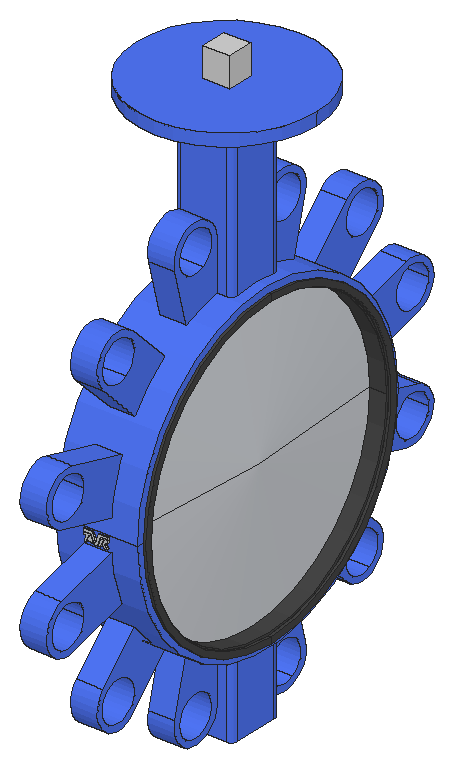
Revit family "820-10-032-DN200-300", category Pipe Accessories, Revit 2022
Family settings
  Round Connector Dimension = Use Diameter
  Part Type = Valve - Breaks Into
  Work Plane-Based = No
  Always vertical = Yes
  Cut with Voids When Loaded = No
  Shared = No
Parameters (values of type "DN250_PN16")
  fillet = 2 * Body_wallthickness  # 20 mm
  disk = LUG_T * 0.7  # 19.04 mm
  Rubber_R = (Body_wallthickness / 2) + ID  # 130.05 mm
  Lug_D1 = Lug_D * 1.75  # 38.5 mm
  W2_ref = size_lookup(Search_table, "W2", 0 mm, DN)  # 279 mm
  URL product pages = "https://www.avkvalves.com/P.aspx?no=820020010541E0030002"
  Search_table = "820-10-032-DN200-300"
  PCD = size_lookup(Search_table, "PCD", 0 mm, DN) / 2  # 192.5 mm
  Lug_D = size_lookup(Search_table, "Lug_D", 0 mm, DN)  # 22 mm
  L_ref_3 = L_ref / 1.2  # 40 mm
  L_ref_2 = L_ref * 2  # 96 mm
  L_ref = L - (Flange_thickness * 2)  # 48 mm
  LUG_T = L * 0.4  # 27.2 mm
  L2 = size_lookup(Search_table, "L2", 0 mm, DN) / 2  # 201 mm
  L = size_lookup(Search_table, "L", 0 mm, DN)  # 68 mm
  ID = DN / 2  # 125.05 mm
  Hole_dia = size_lookup(Search_table, "Hole_dia", 0 mm, DN)  # 34 mm
  H2 = size_lookup(Search_table, "H2", 0 mm, DN)  # 199 mm
  Flange_thickness = size_lookup(Search_table, "Flange_Thickness", 0 mm, DN)  # 10 mm
  F2 = size_lookup(Search_table, "F2", 0 mm, DN)  # 24 mm
  F = size_lookup(Search_table, "F", 0 mm, DN)  # 22 mm
  EPDM = ID - 1 mm  # 124.05 mm
  Description_ = "AVK CENTRIC BUTTERFLY VALVE LUG TYPE, PN10/16"
  Default Elevation = 0 mm
  DN300_PN16 = "820-0300-10-541E0160002"
  DN300_PN10 = "820-0300-10-541E0030002"
  DN250_PN16 = "820-0250-10-541E0160002"
  DN250_PN10 = "820-0250-10-541E0030002"
  DN200_PN16 = "820-0200-10-541E0160002"
  DN200_PN10 = "820-0200-10-541E0030002"
  DN = 250.1 mm
  Cut = DN - 2 mm  # 248.1 mm
  Bore = DN / 2  # 125.05 mm
  Body_wallthickness = 10 mm  # constant formula
  Actuator_Dia = size_lookup(Search_table, "Actuator_Dia", 0 mm, DN)  # 150 mm
  3 = 3 mm  # constant formula
Types (7, lengths in mm): name | disk | Rubber_R | Lug_D1 | W2_ref | PCD | Lug_D | L_ref_3 | L_ref_2 | L_ref | LUG_T | L2 | L | ID | Hole_dia | H2 | F2 | F | EPDM | DN | Cut | Bore | Actuator_Dia
  (no name) | 19.04 | 130.05 | 38.5 | 279 | 192.5 | 22 | 40 | 96 | 48 | 27.2 | 201 | 68 | 125.05 | 34 | 199 | 24 | 22 | 124.05 | 250.1 | 248.1 | 125.05 | 150
  DN200_PN10 | 16.8 | 105 | 35 | 240 | 160 | 20 | 33.333 | 80 | 40 | 24 | 166 | 60 | 100 | 31 | 161 | 19 | 17 | 99 | 200 | 198 | 100 | 90
  DN200_PN16 | 16.8 | 105.05 | 35 | 240 | 160 | 20 | 33.333 | 80 | 40 | 24 | 166 | 60 | 100.05 | 31 | 161 | 19 | 17 | 99.05 | 200.1 | 198.1 | 100.05 | 90
  DN250_PN10 | 19.04 | 130 | 38.5 | 279 | 192.5 | 22 | 40 | 96 | 48 | 27.2 | 201 | 68 | 125 | 34 | 199 | 24 | 22 | 124 | 250 | 248 | 125 | 150
  DN250_PN16 | 19.04 | 130.05 | 38.5 | 279 | 192.5 | 22 | 40 | 96 | 48 | 27.2 | 201 | 68 | 125.05 | 34 | 199 | 24 | 22 | 124.05 | 250.1 | 248.1 | 125.05 | 150
  DN300_PN10 | 21.84 | 155 | 40.25 | 315 | 225 | 23 | 48.333 | 116 | 58 | 31.2 | 236 | 78 | 150 | 34 | 234 | 24 | 22 | 149 | 300 | 298 | 150 | 150
  DN300_PN16 | 21.84 | 155.05 | 40.25 | 315 | 225 | 23 | 48.333 | 116 | 58 | 31.2 | 236 | 78 | 150.05 | 34 | 234 | 24 | 22 | 149.05 | 300.1 | 298.1 | 150.05 | 150
Reference planes
  plane 1 "Center (Front/Back)": y = 0
  plane 2: z = 0
  plane 3 "Center (Left/Right)": x = 0
  plane 4: z = 279
  plane 5: z = -199
  plane 6: y = 24
  plane 7: x = -24
  plane 8: y = -24
  plane 9: x = 24
  plane 10: x = -19
  plane 11: x = 19
  plane 12: y = -19
  plane 13: y = -19
  plane 14: x = -19
  plane 15: x = 19
  plane 16: y = 19
  plane 17: y = 19
  plane 18: z = 303
  plane 19: z = 125.05
  plane 20: z = -125.05
  plane 21: y = -201
  plane 22: y = 201
  plane 23: x = -34
  plane 24: x = 34
  plane 25: x = -13.6
  plane 26: x = 13.6
  plane 27: x = -11
  plane 28: x = 11
  plane 29: through (0, 0, 0) normal (0, 0.5, 0.866)
  plane 30: through (0, 0, 0) normal (0, 0.7071, 0.7071)
  plane 31: through (0, 0, 0) normal (0, 0.866, 0.5)
  plane 32: through (0, 0, 0) normal (0, 0.5, -0.866)
  plane 33: through (0, 0, 0) normal (0, 0.7071, -0.7071)
  plane 34: through (0, 0, 0) normal (0, 0.866, -0.5)
  plane 35: through (0, 0, 0) normal (0, 0.9659, -0.2588)
  plane 36: through (0, 0, 0) normal (0, 0.2588, 0.9659)
  plane 37: through (0, 0, 0) normal (0, -0.2588, 0.9659)
  plane 38: through (0, 0, 0) normal (0, 0.9659, 0.2588)
  plane 39: through (0, 0, 0) normal (0, 0.2588, 0.9659)
  plane 40: through (0, 0, 0) normal (0, 0.7071, 0.7071)
  plane 41: through (0, 0, 0) normal (0, 0.9659, 0.2588)
  plane 42: through (0, 0, 0) normal (0, 0.7071, -0.7071)
  plane 43: through (0, 0, 0) normal (0, 0.9659, -0.2588)
  plane 44: through (0, 0, 0) normal (0, -0.2588, 0.9659)
  plane 45: through (0, 0, 0) normal (0, -0.7071, 0.7071)
  plane 46: through (0, 0, 0) normal (0, -0.9659, 0.2588)
  plane 47: through (0, 0, 0) normal (0, -0.2588, -0.9659)
  plane 48: through (0, 0, 0) normal (0, -0.7071, -0.7071)
  plane 49: through (0, 0, 0) normal (0, -0.9659, -0.2588)
  plane 50: x = -75
  plane 51: x = 75
  plane 52: y = 75
  plane 53: y = -75
  plane 54: through (0, 0, 0) normal (0, 0.2588, -0.9659)
Forms (mm)
  Revolve 1, solid, material "Plastic"
    sketch origin (0, 0, 0) x (1, 0, 0) y (0, 1, 0)
      loop
        line (-34, 135.05) -> (-34, 125.05) -> (34, 125.05) -> (34, 135.05) -> (-34, 135.05)
      axis (-34, 0) -> (34, 0)
    angle from 0 to 360
  Extrusion 2, solid, material "Plastic"
    sketch origin (0, 0, 0) x (1, 0, 0) y (0, 1, 0)
      loop
        arc (-19, 24) -> (-22.536, 22.536) -> (-24, 19) r 5
        line (-24, 19) -> (-24, -19)
        arc (-24, -19) -> (-22.536, -22.536) -> (-19, -24) r 5
        line (-19, -24) -> (19, -24)
        arc (19, -24) -> (22.536, -22.536) -> (24, -19) r 5
        line (24, -19) -> (24, 19)
        arc (24, 19) -> (22.536, 22.536) -> (19, 24) r 5
        line (19, 24) -> (-19, 24)
    from -199 to 269
  Extrusion 3, solid, material "Plastic"
    sketch origin (0, 0, 0) x (1, 0, 0) y (0, 1, 0)
      loop
        circle (0, 0) r 75
    from 269 to 279
  Extrusion 4, solid, material "Stainless Steel AISI 304"
    sketch origin (0, 0, 0) x (1, 0, 0) y (0, 1, 0)
      loop
        line (-11, 11) -> (-11, -11) -> (11, -11) -> (11, 11) -> (-11, 11)
    from 279 to 303
  Revolve 5, void
    sketch origin (0, 0, 0) x (1, 0, 0) y (0, 1, 0)
      loop
        line (-34, 125.05) -> (-34, 0) -> (34, 0) -> (34, 125.05) -> (-34, 125.05)
      axis (-34, 0) -> (34, 0)
    angle from 0 to 360
  Extrusion 6, solid, material "Plastic"
    sketch origin (0, 0, 0) x (0, 1, 0) y (0, 0, 1)
      loop
        line (5.694, 21.25) -> (-173.306, 69.213)
        arc (-173.306, 69.213) -> (-200.25, 53.657) -> (-184.694, 26.713) r 22
        line (-184.694, 26.713) -> (-5.694, -21.25) -> (5.694, 21.25)
      loop
        circle (-179, 47.963) r 17
    from -11 to 11
  Extrusion 7, solid, material "Plastic"
    sketch origin (0, 0, 0) x (0, 0.5, -0.866025) y (0, 0.866025, 0.5)
      loop
        line (5.694, -21.25) -> (-5.694, 21.25) -> (-178.595, -25.078)
        arc (-178.595, -25.078) -> (-194.151, -52.023) -> (-167.207, -67.579) r 22
        line (-167.207, -67.579) -> (5.694, -21.25)
      loop
        circle (-172.901, -46.329) r 17
    from -11 to 11
  Extrusion 8, solid, material "Plastic"
    sketch origin (0, 0, 0) x (0, 0.5, -0.866025) y (0, 0.866025, 0.5)
      loop
        line (5.694, 21.25) -> (-167.207, 67.579)
        arc (-167.207, 67.579) -> (-194.151, 52.023) -> (-178.595, 25.078) r 22
        line (-178.595, 25.078) -> (-5.694, -21.25) -> (5.694, 21.25)
      loop
        circle (-172.901, 46.329) r 17
    from -11 to 11
  Extrusion 9, solid, material "Plastic"
    sketch origin (0, 0, 0) x (0, -0.5, -0.866025) y (0, 0.866025, -0.5)
      loop
        line (5.694, 21.25) -> (-167.207, 67.579)
        arc (-167.207, 67.579) -> (-194.151, 52.023) -> (-178.595, 25.078) r 22
        line (-178.595, 25.078) -> (-5.694, -21.25) -> (5.694, 21.25)
      loop
        circle (-172.901, 46.329) r 17
    from -11 to 11
  Extrusion 10, solid, material "Plastic"
    sketch origin (0, 0, 0) x (0, -0.5, -0.866025) y (0, 0.866025, -0.5)
      loop
        line (5.694, -21.25) -> (-5.694, 21.25) -> (-178.595, -25.078)
        arc (-178.595, -25.078) -> (-194.151, -52.023) -> (-167.207, -67.579) r 22
        line (-167.207, -67.579) -> (5.694, -21.25)
      loop
        circle (-172.901, -46.329) r 17
    from -11 to 11
  Extrusion 11, solid, material "Plastic"
    sketch origin (0, 0, 0) x (0, 1, 0) y (0, 0, 1)
      loop
        line (5.694, -21.25) -> (-5.694, 21.25) -> (-184.694, -26.713)
        arc (-184.694, -26.713) -> (-200.25, -53.657) -> (-173.306, -69.213) r 22
        line (-173.306, -69.213) -> (5.694, -21.25)
      loop
        circle (-179, -47.963) r 17
    from -11 to 11
  Extrusion 12, solid, material "Plastic"
    sketch origin (0, 0, 0) x (0, 0.5, 0.866025) y (0, -0.866025, 0.5)
      loop
        line (5.694, 21.25) -> (-167.207, 67.579)
        arc (-167.207, 67.579) -> (-194.151, 52.023) -> (-178.595, 25.078) r 22
        line (-178.595, 25.078) -> (-5.694, -21.25) -> (5.694, 21.25)
      loop
        circle (-172.901, 46.329) r 17
    from -11 to 11
  Extrusion 13, solid, material "Plastic"
    sketch origin (0, 0, 0) x (0, 0.5, 0.866025) y (0, -0.866025, 0.5)
      loop
        line (5.694, -21.25) -> (-5.694, 21.25) -> (-178.595, -25.078)
        arc (-178.595, -25.078) -> (-194.151, -52.023) -> (-167.207, -67.579) r 22
        line (-167.207, -67.579) -> (5.694, -21.25)
      loop
        circle (-172.901, -46.329) r 17
    from -11 to 11
  Extrusion 14, solid, material "Plastic"
    sketch origin (0, 0, 0) x (0, -1, 0) y (0, 0, -1)
      loop
        line (5.694, 21.25) -> (-173.306, 69.213)
        arc (-173.306, 69.213) -> (-200.25, 53.657) -> (-184.694, 26.713) r 22
        line (-184.694, 26.713) -> (-5.694, -21.25) -> (5.694, 21.25)
      loop
        circle (-179, 47.963) r 17
    from -11 to 11
  Extrusion 15, solid, material "Plastic"
    sketch origin (0, 0, 0) x (0, -0.5, 0.866025) y (0, -0.866025, -0.5)
      loop
        line (5.694, -21.25) -> (-5.694, 21.25) -> (-178.595, -25.078)
        arc (-178.595, -25.078) -> (-194.151, -52.023) -> (-167.207, -67.579) r 22
        line (-167.207, -67.579) -> (5.694, -21.25)
      loop
        circle (-172.901, -46.329) r 17
    from -11 to 11
  Extrusion 16, solid, material "Plastic"
    sketch origin (0, 0, 0) x (0, -0.5, 0.866025) y (0, -0.866025, -0.5)
      loop
        line (5.694, 21.25) -> (-167.207, 67.579)
        arc (-167.207, 67.579) -> (-194.151, 52.023) -> (-178.595, 25.078) r 22
        line (-178.595, 25.078) -> (-5.694, -21.25) -> (5.694, 21.25)
      loop
        circle (-172.901, 46.329) r 17
    from -11 to 11
  Extrusion 17, void
    sketch origin (0, 0, 0) x (0, -1, 0) y (0, 0, 1)
      loop
        circle (0, 0) r 124.05
    from -34 to 34
  Revolve 18, solid
    sketch origin (0, 0, 0) x (1, 0, 0) y (0, 1, 0)
      loop
        line (-27.2, 0) -> (27.2, 0)
        arc (27.2, 0) -> (25.798, 62.7) -> (19.04, 125.05) r 732.685
        line (19.04, 125.05) -> (-19.04, 125.05)
        arc (-19.04, 125.05) -> (-25.798, 62.7) -> (-27.2, 0) r 732.685
      axis (-27.2, 0) -> (27.2, 0)
    angle from 0 to 360
  Extrusion 19, solid, material "Default Wall"
    sketch origin (0, 0, 0) x (0, 1, 0) y (0, 0, 1)
      loop
        circle (0, 0) r 125.05
      loop
        circle (0, 0) r 124.05
    from -34 to 34
  Revolve 20, solid, material "Default Wall"
    sketch origin (0, 0, 0) x (1, 0, 0) y (0, 0, 1)
      loop
        line (-37, 130.05) -> (-37, 125.05) -> (-34, 125.05) -> (-34, 130.05) -> (-37, 130.05)
      loop
        line (34, 130.05) -> (34, 125.05) -> (37, 125.05) -> (37, 130.05) -> (34, 130.05)
      axis (-37, 0) -> (37, 0)
    angle from 0 to 360
  Extrusion 21, solid, material "Plastic"
    sketch origin (0, 0, 0) x (0, -1, 0) y (0, 0, -1)
      loop
        line (5.694, -21.25) -> (-5.694, 21.25) -> (-184.694, -26.713)
        arc (-184.694, -26.713) -> (-200.25, -53.657) -> (-173.306, -69.213) r 22
        line (-173.306, -69.213) -> (5.694, -21.25)
      loop
        circle (-179, -47.963) r 17
    from -11 to 11
Cuts and joins
  Revolve 5 cuts Revolve 1
  Revolve 5 cuts Extrusion 2
  Extrusion 17 cuts Extrusion 6
  Extrusion 17 cuts Extrusion 7
  Extrusion 17 cuts Extrusion 8
  Extrusion 17 cuts Extrusion 9
  Extrusion 17 cuts Extrusion 10
  Extrusion 17 cuts Extrusion 11
  Extrusion 17 cuts Extrusion 12
  Extrusion 17 cuts Extrusion 13
  Extrusion 17 cuts Extrusion 14
  Extrusion 17 cuts Extrusion 15
  Extrusion 17 cuts Extrusion 16
Dimensions and locks
  equal spacing: Revolve 1 sketch curve, plane 3 "Center (Left/Right)", Revolve 1 sketch curve
  "ID": plane 1 "Center (Front/Back)" to Revolve 1 sketch curve
  "Body_wallthickness": Revolve 1 sketch curve to Revolve 1 sketch curve
  "W2_ref": plane 4 to level
  "H2": level to plane 5
  locked: plane 7 to plane 10 at 5
  locked: plane 11 to plane 9 at 5
  locked: plane 6 to plane 16 at 5
  locked: plane 12 to plane 8 at 5
  locked: plane 15 to plane 9 at 5
  locked: plane 7 to plane 14 at 5
  locked: plane 13 to plane 8 at 5
  locked: plane 17 to plane 6 at 5
  equal spacing: plane 7, plane 3 "Center (Left/Right)", plane 9
  "L_ref": plane 7 to plane 9
  equal spacing: plane 6, plane 1 "Center (Front/Back)", plane 8
  "L_ref": plane 6 to plane 8
  "Flange_thickness": plane 4 to Extrusion 3
  "F2": plane 18 to plane 4
  equal spacing: plane 19, level, plane 20
  "ID": plane 19 to level
  equal spacing: plane 22, plane 1 "Center (Front/Back)", plane 21
  plane 18 to plane 4 = 24 mm
  equal spacing: Extrusion 4 sketch curve, plane 3 "Center (Left/Right)", Extrusion 4 sketch curve
  equal spacing: Extrusion 4 sketch curve, plane 1 "Center (Front/Back)", Extrusion 4 sketch curve
  "F": Extrusion 4 sketch curve to Extrusion 4 sketch curve  (x2)
  equal spacing: plane 24, plane 3 "Center (Left/Right)", plane 23
  "L": plane 24 to plane 23
  equal spacing: Revolve 5 sketch curve, plane 3 "Center (Left/Right)", Revolve 5 sketch curve
  "L": Revolve 5 sketch curve to Revolve 5 sketch curve
  "ID": plane 1 "Center (Front/Back)" to Revolve 5 sketch curve
  "L": Revolve 1 sketch curve to Revolve 1 sketch curve
  "Flange_thickness": plane 4 to cut or joined group of Extrusion 2, Revolve 5
  equal spacing: plane 23, Extrusion 3 sketch curve, plane 24
  equal spacing: plane 21, Extrusion 3 sketch curve, plane 22
  equal spacing: plane 26, plane 3 "Center (Left/Right)", plane 25
  "LUG_T": plane 26 to plane 25
  equal spacing: plane 24, nested 1, plane 23
  plane 24 to plane 23 = 68 mm
  equal spacing: plane 28, plane 3 "Center (Left/Right)", plane 27
  "F": plane 28 to plane 27
  "Lug_D": Extrusion 6 sketch curve to plane 36
  "L2": plane 1 "Center (Front/Back)" to Extrusion 6 sketch curve
  equal spacing: Extrusion 6 sketch curve, plane 39, Extrusion 6 sketch curve  (x2)
  equal spacing: Extrusion 7 sketch curve, plane 40, Extrusion 7 sketch curve  (x2)
  "Lug_D": plane 40 to Extrusion 7 sketch curve
  "L2": Extrusion 7 sketch curve to plane 33
  equal spacing: Extrusion 8 sketch curve, plane 41, Extrusion 8 sketch curve  (x2)
  "Lug_D": plane 41 to Extrusion 8 sketch curve
  "L2": plane 37 to Extrusion 8 sketch curve
  equal spacing: Extrusion 9 sketch curve, plane 42, Extrusion 9 sketch curve  (x2)
  "Lug_D": plane 42 to Extrusion 9 sketch curve
  equal spacing: Extrusion 10 sketch curve, plane 43, Extrusion 10 sketch curve  (x2)
  "Lug_D": plane 43 to Extrusion 10 sketch curve
  "L2": Extrusion 10 sketch curve to plane 36
  "L2": Extrusion 9 sketch curve to plane 30
  equal spacing: Extrusion 11 sketch curve, plane 44, Extrusion 11 sketch curve  (x2)
  equal spacing: Extrusion 12 sketch curve, plane 45, Extrusion 12 sketch curve  (x2)
  "Lug_D": plane 45 to Extrusion 12 sketch curve
  equal spacing: Extrusion 13 sketch curve, plane 46, Extrusion 13 sketch curve  (x2)
  "Lug_D": plane 46 to Extrusion 13 sketch curve
  equal spacing: Extrusion 14 sketch curve, plane 47, Extrusion 14 sketch curve  (x2)
  equal spacing: Extrusion 15 sketch curve, plane 48, Extrusion 15 sketch curve  (x2)
  "Lug_D": plane 48 to Extrusion 15 sketch curve
  equal spacing: Extrusion 16 sketch curve, plane 49, Extrusion 16 sketch curve  (x2)
  "Lug_D": plane 49 to Extrusion 16 sketch curve
  "Lug_D": Extrusion 14 sketch curve to plane 47
  "L2": Extrusion 14 sketch curve to plane 1 "Center (Front/Back)"
  "Lug_D": plane 44 to Extrusion 11 sketch curve
  "L2": plane 1 "Center (Front/Back)" to Extrusion 11 sketch curve
  "L2": plane 30 to Extrusion 12 sketch curve
  "L2": plane 36 to Extrusion 13 sketch curve
  "L2": Extrusion 16 sketch curve to plane 37
  "L2": plane 33 to Extrusion 15 sketch curve
  equal spacing: Extrusion 17 sketch curve, plane 1 "Center (Front/Back)", Extrusion 17 sketch curve
  equal spacing: Extrusion 17 sketch curve, level, Extrusion 17 sketch curve
  "LUG_T": Revolve 18 sketch curve to plane 3 "Center (Left/Right)"
  equal spacing: Revolve 18 sketch curve, plane 3 "Center (Left/Right)", Revolve 18 sketch curve  (x2)
  "disk": Revolve 18 sketch curve to plane 3 "Center (Left/Right)"
  "Bore": plane 1 "Center (Front/Back)" to Revolve 18 sketch curve
  plane 22 to plane 21 = 402 mm
  "L2": plane 1 "Center (Front/Back)" to plane 21
  equal spacing: Extrusion 19 sketch curve, plane 1 "Center (Front/Back)", Extrusion 19 sketch curve
  equal spacing: Extrusion 19 sketch curve, level, Extrusion 19 sketch curve
  equal spacing: cut or joined group of Extrusion 8, Extrusion 17, plane 3 "Center (Left/Right)", cut or joined group of Extrusion 8, Extrusion 17
  equal spacing: cut or joined group of Extrusion 7, Extrusion 17, plane 3 "Center (Left/Right)", cut or joined group of Extrusion 7, Extrusion 17
  equal spacing: cut or joined group of Extrusion 10, Extrusion 17, plane 3 "Center (Left/Right)", cut or joined group of Extrusion 10, Extrusion 17
  equal spacing: cut or joined group of Extrusion 9, Extrusion 17, plane 3 "Center (Left/Right)", cut or joined group of Extrusion 9, Extrusion 17
  equal spacing: cut or joined group of Extrusion 11, Extrusion 17, plane 3 "Center (Left/Right)", cut or joined group of Extrusion 11, Extrusion 17
  equal spacing: cut or joined group of Extrusion 12, Extrusion 17, plane 3 "Center (Left/Right)", cut or joined group of Extrusion 12, Extrusion 17
  equal spacing: cut or joined group of Extrusion 13, Extrusion 17, plane 3 "Center (Left/Right)", cut or joined group of Extrusion 13, Extrusion 17
  equal spacing: cut or joined group of Extrusion 14, Extrusion 17, plane 3 "Center (Left/Right)", cut or joined group of Extrusion 14, Extrusion 17
  equal spacing: cut or joined group of Extrusion 16, Extrusion 17, plane 3 "Center (Left/Right)", cut or joined group of Extrusion 16, Extrusion 17
  equal spacing: plane 51, plane 3 "Center (Left/Right)", plane 50
  "Actuator_Dia": plane 51 to plane 50
  equal spacing: plane 52, plane 1 "Center (Front/Back)", plane 53
  "Actuator_Dia": plane 52 to plane 53
  equal spacing: Revolve 20 sketch curve, plane 3 "Center (Left/Right)", Revolve 20 sketch curve  (x2)
  "3": plane 23 to Revolve 20 sketch curve
  "ID": Revolve 20 sketch curve to level
  "Rubber_R": Revolve 20 sketch curve to level
  equal spacing: Extrusion 21 sketch curve, plane 54, Extrusion 21 sketch curve  (x2)
  "Lug_D": Extrusion 21 sketch curve to plane 54
  "L2": Extrusion 21 sketch curve to plane 1 "Center (Front/Back)"
  "Actuator_Dia": diameter of Extrusion 3 sketch curve
  "Cut": diameter of Extrusion 17 sketch curve
  "Hole_dia": diameter of Extrusion 8 sketch curve
  "Hole_dia": diameter of Extrusion 10 sketch curve
  "Hole_dia": diameter of Extrusion 9 sketch curve
  "Hole_dia": diameter of Extrusion 7 sketch curve
  "Hole_dia": diameter of Extrusion 6 sketch curve
  "Hole_dia": diameter of Extrusion 11 sketch curve
  "Hole_dia": diameter of Extrusion 12 sketch curve
  "Hole_dia": diameter of Extrusion 13 sketch curve
  "Hole_dia": diameter of Extrusion 16 sketch curve
  "Hole_dia": diameter of Extrusion 15 sketch curve
  "Hole_dia": diameter of Extrusion 14 sketch curve
  "EPDM": radius of Extrusion 19 sketch curve
  "Hole_dia": diameter of Extrusion 21 sketch curve
  angle level to plane 29 = 30.00°
  angle level to plane 30 = 45.00°
  angle level to plane 31 = 60.00°
  angle plane 32 to level = 30.00°
  angle plane 33 to level = 45.00°
  angle plane 34 to level = 60.00°
  angle plane 35 to level = 75.00°
  angle plane 37 to level = 15.00°
  angle level to plane 36 = 15.00°
  angle level to plane 38 = 75.00°
  angle level to plane 39 = 15.00°
  angle level to plane 40 = 45.00°
  angle level to plane 41 = 75.00°
  angle plane 43 to level = 75.00°
  angle plane 42 to level = 45.00°
  angle plane 44 to level = 15.00°
  angle plane 45 to level = 45.00°
  angle plane 46 to level = 75.00°
  angle plane 49 to level = 105.00°
  angle level to plane 48 = 45.00°
  angle level to plane 47 = 15.00°
  aligned and locked: level to plane 2
  aligned and locked: plane 1 "Center (Front/Back)" to Revolve 1 sketch curve
  aligned and locked: plane 11 to Extrusion 2 sketch curve
  aligned and locked: plane 6 to Extrusion 2 sketch curve  (x2)
  aligned and locked: plane 16 to Extrusion 2 sketch curve
  aligned and locked: plane 9 to Extrusion 2 sketch curve  (x2)
  aligned and locked: plane 12 to Extrusion 2 sketch curve
  aligned and locked: plane 8 to Extrusion 2 sketch curve  (x2)
  aligned and locked: plane 15 to Extrusion 2 sketch curve
  aligned and locked: plane 14 to Extrusion 2 sketch curve
  aligned and locked: plane 7 to Extrusion 2 sketch curve  (x2)
  aligned and locked: plane 13 to Extrusion 2 sketch curve
  aligned and locked: plane 17 to Extrusion 2 sketch curve
  aligned and locked: plane 10 to Extrusion 2 sketch curve
  aligned and locked: Extrusion 2 to plane 5
  aligned and locked: Extrusion 3 to plane 4
  aligned and locked: plane 18 to Extrusion 4
  aligned and locked: plane 4 to Extrusion 4
  aligned and locked: Revolve 5 sketch curve to plane 1 "Center (Front/Back)"
  aligned and locked: plane 1 "Center (Front/Back)" to Revolve 5 sketch curve
  aligned and locked: Extrusion 6 to plane 27
  aligned and locked: Extrusion 6 to plane 28
  aligned and locked: Extrusion 17 to plane 23
  aligned and locked: plane 1 "Center (Front/Back)" to Revolve 18 sketch curve  (x2)
  aligned and locked: plane 24 to Extrusion 17
  aligned and locked: Extrusion 19 sketch curve to cut or joined group of Revolve 1, Revolve 5  (x2)
  aligned and locked: Extrusion 19 to plane 23
  aligned and locked: plane 24 to Extrusion 19
  aligned and locked: cut or joined group of Extrusion 8, Extrusion 17 to plane 27
  aligned and locked: cut or joined group of Extrusion 7, Extrusion 17 to plane 27
  aligned and locked: cut or joined group of Extrusion 10, Extrusion 17 to plane 27
  aligned and locked: cut or joined group of Extrusion 9, Extrusion 17 to plane 27
  aligned and locked: cut or joined group of Extrusion 11, Extrusion 17 to plane 27
  aligned and locked: cut or joined group of Extrusion 12, Extrusion 17 to plane 27
  aligned and locked: cut or joined group of Extrusion 13, Extrusion 17 to plane 27
  aligned and locked: cut or joined group of Extrusion 14, Extrusion 17 to plane 27
  aligned and locked: cut or joined group of Extrusion 16, Extrusion 17 to plane 27
  aligned and locked: plane 33 to Extrusion 7 sketch curve
  aligned and locked: Revolve 20 sketch curve to Revolve 20 sketch curve  (x2)
  aligned and locked: Revolve 20 sketch curve to plane 23
  aligned and locked: Revolve 20 sketch curve to level
  aligned and locked: plane 38 to Extrusion 21 sketch curve
Automatic sketch dimensions
  Revolve 1 sketch curve to plane 23 = 0 mm
  Revolve 1 sketch curve to plane 24 = 0 mm
  Revolve 5 sketch curve to plane 50 = 56.173 mm
  Revolve 5 sketch curve to plane 51 = 80.173 mm
  Extrusion 6 sketch curve to Extrusion 6 sketch curve = 0 mm
  plane 35 to Extrusion 6 sketch curve = 0 mm
  Extrusion 7 sketch curve to Extrusion 7 sketch curve = 0 mm
  Extrusion 8 sketch curve to Extrusion 8 sketch curve = 0 mm
  plane 37 to Extrusion 8 sketch curve = 0 mm
  Extrusion 9 sketch curve to Extrusion 9 sketch curve = 0 mm
  Extrusion 9 sketch curve to plane 30 = 0 mm
  Extrusion 10 sketch curve to Extrusion 10 sketch curve = 0 mm
  Extrusion 10 sketch curve to plane 36 = 0 mm
  Extrusion 11 sketch curve to Extrusion 11 sketch curve = 0 mm
  Extrusion 11 sketch curve to plane 38 = 0 mm
  Extrusion 12 sketch curve to Extrusion 12 sketch curve = 0 mm
  Extrusion 12 sketch curve to plane 30 = 0 mm
  Extrusion 13 sketch curve to Extrusion 13 sketch curve = 0 mm
  Extrusion 13 sketch curve to plane 36 = 0 mm
  Extrusion 14 sketch curve to Extrusion 14 sketch curve = 0 mm
  plane 35 to Extrusion 14 sketch curve = 0 mm
  Extrusion 15 sketch curve to Extrusion 15 sketch curve = 0 mm
  Extrusion 15 sketch curve to plane 33 = 0 mm
  Extrusion 16 sketch curve to Extrusion 16 sketch curve = 0 mm
  plane 37 to Extrusion 16 sketch curve = 0 mm
  Revolve 18 sketch curve to plane 1 "Center (Front/Back)" = 14.991 mm  (x2)
  Revolve 18 sketch curve to plane 50 = 18.413 mm
  Revolve 18 sketch curve to plane 51 = 30.933 mm
  plane 50 to Revolve 20 sketch curve = 0 mm
  Revolve 20 sketch curve to plane 50 = 61.615 mm
  Extrusion 21 sketch curve to Extrusion 21 sketch curve = 0 mm
Nested families
  nested 1: "Latest New 3" at (0, -134.67, -10.124) x (1, 0, 0) z (0, -0.9972, -0.075), type "Latest New 3"
Connectors
  piping at (34, 0, 0), diameter 250.1, driven by "DN"
    settings: on Revolve 1, index 1, connector inside diameter 609.6 mm, connector length 0 mm, flow factor 0, pipe flow 0.0 L/s, pressure drop 0.0 Pa, fitting loss kfactor 0, connector angle 0.00°, fixture units 0, engagement length 0 mm, angle of deflection 0.00°, flow configuration 0, flow direction 0, fitting loss method 0, system type 7, joint type 0, gender type 0, connector reference index -1, connector utility 0, adjustable connector no, is connector primary yes, connector description ""
  piping at (-34, 0, 0), diameter 250.1, driven by "DN"
    settings: on cut or joined group of Revolve 1, Revolve 5, index 2, connector inside diameter 609.6 mm, connector length 0 mm, flow factor 0, pipe flow 0.0 L/s, pressure drop 0.0 Pa, fitting loss kfactor 0, connector angle 0.00°, fixture units 0, engagement length 0 mm, angle of deflection 0.00°, flow configuration 0, flow direction 0, fitting loss method 0, system type 7, joint type 0, gender type 0, connector reference index -1, connector utility 0, adjustable connector no, is connector primary no, connector description ""
Definition of nested family "Latest New 3"
  Parameters
    Default Elevation = 1219.2 mm
  Reference planes
    plane 1 "Center (Front/Back)": y = 0
    plane 2: z = 0
    plane 3 "Center (Left/Right)": x = 0
  Forms (mm)
    Extrusion 1, solid
      sketch origin (0, 0, 0) x (1, 0, 0) y (0, 1, 0)
        loop
          line (-1219.2, 1219.2) -> (-1219.2, -1219.2) -> (1219.2, -1219.2) -> (1219.2, 1219.2) -> (-1219.2, 1219.2)
      from 0 to -304.8
    Extrusion 2, solid
      sketch origin (0, 0, 0) x (1, 0, 0) y (0, 1, 0)
        loop
          line (-2.683, 9.413) -> (-9.884, 9.413) -> (-9.884, 7.46) -> (-4.022, 7.46) -> (-0.985, 0) -> (0.985, 0) -> (4.022, 7.46) -> (9.884, 7.46) -> (9.884, 9.413) -> (2.683, 9.413) -> (0, 2.824) -> (-2.683, 9.413)
        loop
          line (-4.528, 6.707) -> (-9.884, 6.707) -> (-9.884, 4.824) -> (-8.032, 4.824) -> (-9.884, 0) -> (-7.792, 0) -> (-7.394, 1.035) -> (-4.328, 1.035) -> (-3.907, 0) -> (-1.798, 0) -> (-4.528, 6.707)
        loop
          line (-6.91, 2.824) -> (-5.056, 2.824) -> (-6.01, 5.167) -> (-6.91, 2.824)
        loop
          line (1.798, 0) -> (3.907, 0) -> (4.98, 2.637) -> (6.968, 0) -> (9.413, 0) -> (7.166, 2.983)
          arc (7.166, 2.983) -> (8.216, 3.774) -> (9.007, 4.824) r 4.724
          line (9.007, 4.824) -> (9.884, 4.824) -> (9.884, 6.707) -> (8.001, 6.707)
          arc (8.001, 6.707) -> (7.315, 5.008) -> (5.642, 4.261) r 2.448
          line (5.642, 4.261) -> (6.637, 6.707) -> (4.528, 6.707) -> (1.798, 0)
      from 0 to 1
  Dimensions and locks
    aligned and locked: plane 2 to Extrusion 1
    aligned and locked: level to Extrusion 1
    aligned and locked: Extrusion 2 sketch curve to import instance  (x30)
